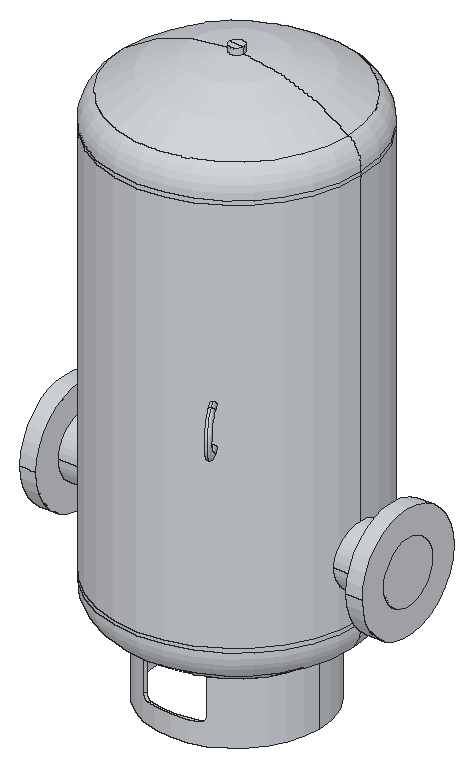
Revit family "CWBT120-6-125", category Mechanical Equipment, Revit 2014
Parameters (values of type "CWBT120-6-125")
  Tank Weight = "333 lbs"
  Tank Volume = "120 Gal"
  Tank Height = "55 3/4\""
  Tank Diameter = "24\""
  Note = "All dimensions and weights are approximate"
  Maximum Acceptance Volume = "N/A"
  Max Operating Temp = "450° F"
  Max Operating Pressure = "125 psi"
  Connector Size = "6\""
Reference planes (in)
  plane 1 "Center (Front/Back)": y = 0
  plane 2: z = 0
  plane 3 "Center (Left/Right)": x = 0
Forms (in)
  Extrusion 1, solid
    sketch origin (0, 0, 0) x (1, 0, 0) y (0, 1, 0)
      loop
        circle (0, 0) r 8
      loop
        circle (0, 0) r 7.75261
    from 0 to 6
  Extrusion 2, void
    sketch origin (0, 0, 0) x (1, 0, 0) y (0, 0, 1)
      loop
        line (-3, 6) -> (-3, 2.5)
        arc (-3, 2.5) -> (-2.85355, 2.14645) -> (-2.5, 2) r 0.5
        line (-2.5, 2) -> (2.5, 2)
        arc (2.5, 2) -> (2.85355, 2.14645) -> (3, 2.5) r 0.5
        line (3, 2.5) -> (3, 6) -> (-3, 6)
    from 0 to 10
  Revolve 3, solid
    sketch origin (0, 0, 0) x (1, 0, 0) y (0, 0, 1)
      loop
        line (0, 56.33186) -> (0, 3.76304) -> (0.6875, 3.76304) -> (0.6875, 4.27606)
        arc (0.6875, 4.27606) -> (6.03979, 5.24535) -> (10.82075, 7.83939) r 17.17878
        arc (10.82075, 7.83939) -> (11.74557, 9.01447) -> (12, 10.48804) r 3.04715
        line (12, 10.48804) -> (12, 10.88804) -> (12, 49.13804) -> (12, 49.53804)
        arc (12, 49.53804) -> (11.73574, 51.03405) -> (10.78124, 52.21592) r 3.04326
        arc (10.78124, 52.21592) -> (6.00358, 54.75186) -> (0.6875, 55.75002) r 17.95658
        line (0.6875, 55.75002) -> (0.6875, 56.33186) -> (0, 56.33186)
      axis (0, 56.33186) -> (0, 3.76304)
    angle from 0 to 360
  Sweep 4, solid
    path origin (-3.09907, 4.94253, -16.53613) x (0.511725, -0.85915, 0) y (0, 0, 1)
      loop
        line (17.83546, 48.42089) -> (18.83546, 48.42089)
        arc (18.83546, 48.42089) -> (20.71046, 46.54589) -> (18.83546, 44.67089) r 1.875
        line (18.83546, 44.67089) -> (17.83546, 44.67089)
    profile origin (6.28364, -10.81038, 31.88476) x (0, 0, 1) y (-0.85915, -0.511725, 0)
      loop
        circle (0, 0) r 0.25
  Extrusion 5, solid
    sketch origin (0, 0, 0) x (0, 1, 0) y (0, 0, 1)
      loop
        circle (0, 16.5) r 2.928
    from 0 to 16.5
  Extrusion 6, solid
    sketch origin (0, 0, 0) x (0, 1, 0) y (0, 0, 1)
      loop
        circle (0, 16.5) r 2.928
    from 0 to -16.5
  Extrusion 7, solid
    sketch origin (0, 0, 0) x (0, 1, 0) y (0, 0, 1)
      loop
        circle (0, 16.5) r 5.5
    from -14.9375 to -16.5
  Extrusion 8, solid
    sketch origin (0, 0, 0) x (0, 1, 0) y (0, 0, 1)
      loop
        circle (0, 16.5) r 5.5
    from 14.9375 to 16.5
Cuts and joins
  Extrusion 2 cuts Extrusion 1
Dimensions and locks (in)
  Revolve 3 sketch curve to cut or joined group of Extrusion 1, Extrusion 2 = 55 3/4"
  aligned and locked: level to plane 2
